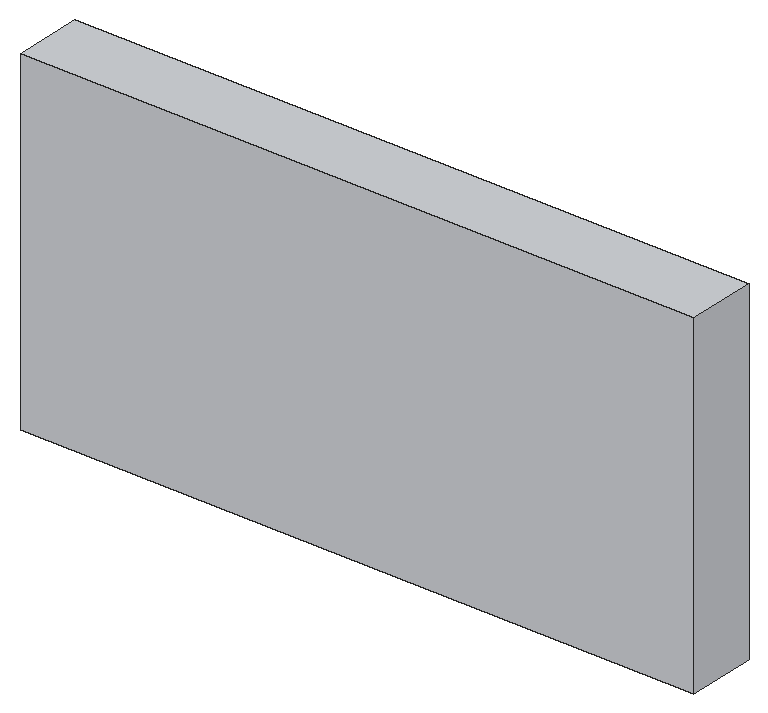
Revit family "HZG_Heizkörper Ventil VL+RL links", category HLS-Bauteile, Revit 2015
Parameters (values of type "10/300/600")
  HZG_Leistung [instance] = 0
  HZG_IstHeizkörper [instance] = yes
  HZG_Exemplarleistung [instance] = 0
  HLS_Länge = Länge  # 600 mm
  HLS_Höhe = Höhe  # 300 mm
  HLS_Breite = Breite  # 61 mm
  Breite = 61 mm
  Wasserdruckverlust [instance] = 0.00 psi
  Massenstrom [instance] = 0 GPM
  Wandabstand = 20 mm
  Nennradius = 7.5 mm
  Nenndurchmesser = Nennradius * 2  # 15 mm
  Länge = 600 mm
  Höhe = 300 mm
  Heizleistung = 0.0 Btu/h
  ALG_ManufacturerCode = ""
Types (4, lengths in mm): name | HLS_Länge | HLS_Höhe | HLS_Breite | Breite | Länge | Höhe
  (no name) | 600 | 300 | 61 | 61 | 600 | 300
  10/300/600 | 600 | 300 | 61 | 61 | 600 | 300
  12/400/800 | 800 | 400 | 64 | 64 | 800 | 400
  22/500/600 | 600 | 500 | 100 | 100 | 600 | 500
Reference planes
  plane 1 "Mitte (Vorne/Hinten)": y = 0
  plane 2: z = 0
  plane 3 "Mitte (Links/Rechts)": x = 0
  plane 4: y = -81
  plane 5: y = -50.5
  plane 6: y = -20
  plane 7: x = 300
  plane 8: z = 300
  plane 9: x = -300
  plane 10: z = 2
Forms (mm)
  Extrusion 1, solid, detail levels medium+fine
    sketch origin (0, 17.773, 0) x (0, -1, 0) y (1, 0, 0)
      loop
        line (37.773, 300) -> (37.773, -300) -> (98.773, -300) -> (98.773, 300) -> (37.773, 300)
    from 0 to 300
  Extrusion 2, solid, detail levels medium+fine
    sketch origin (-422.82, 17.773, 2) x (-1, 0, 0) y (0, -1, 0)
      loop
        circle (-162.82, 68.273) r 7.5
      loop
        circle (-202.82, 68.273) r 7.5
    from 0 to -2
Lines and regions (mm)
  model lines, detail levels coarse
    curve 1: line (300, -20, 0) -> (300, -81, 0)
    curve 2: line (-300, -20, 0) -> (300, -20, 0)
    curve 3: line (-300, -81, 0) -> (-300, -20, 0)
    curve 4: line (300, -81, 0) -> (-300, -81, 0)
  model lines, style "Symbol", detail levels coarse
    curve 5: line (300, -50.5, 300) -> (-300, -50.5, 300)
    curve 6: line (300, -50.5, 0) -> (300, -50.5, 300)
    curve 7: line (-300, -50.5, 0) -> (300, -50.5, 0)
    curve 8: line (-300, -50.5, 300) -> (-300, -50.5, 0)
    curve 9: line (0, -20, 300) -> (0, -81, 300)
    curve 10: line (0, -20, 0) -> (0, -20, 300)
    curve 11: line (0, -81, 0) -> (0, -20, 0)
    curve 12: line (0, -81, 300) -> (0, -81, 0)
Dimensions and locks
  equal spacing: plane 6, plane 5, plane 4
  "Breite": plane 6 to plane 4
  "Höhe": plane 8 to level
  "Länge": plane 7 to plane 9
  locked: Extrusion 1 to Extrusion 2 sketch curve at 80
  locked: Extrusion 1 to Extrusion 2 sketch curve at 40
  locked: plane 10 to level at 2
  "Wandabstand": plane 6 to plane 1 "Mitte (Vorne/Hinten)"
  equal spacing: plane 9, plane 3 "Mitte (Links/Rechts)", plane 7
  "Nennradius": radius of Extrusion 2 sketch curve  (x2)
  aligned and locked: plane 2 to level
  aligned and locked: Extrusion 1 sketch curve to plane 7
  aligned and locked: plane 6 to Extrusion 1 sketch curve
  aligned and locked: Extrusion 1 sketch curve to plane 4
  aligned and locked: Extrusion 1 to plane 9
  aligned and locked: Extrusion 1 to level
  aligned and locked: plane 8 to Extrusion 1
  aligned and locked: Extrusion 1 to plane 2
  aligned and locked: Extrusion 2 to level
  aligned and locked: plane 10 to Extrusion 2
  aligned and locked: curve 1 to Extrusion 1
  aligned and locked: curve 2 to Extrusion 1
  aligned and locked: curve 3 to Extrusion 1
  aligned and locked: curve 4 to Extrusion 1
  aligned and locked: curve 5 to Extrusion 1
  aligned and locked: curve 6 to Extrusion 1
  aligned and locked: curve 7 to curve 2
  aligned and locked: curve 8 to Extrusion 1
  aligned and locked: curve 9 to Extrusion 1
  aligned and locked: curve 10 to Extrusion 1
  aligned and locked: curve 11 to curve 1
  aligned and locked: curve 12 to Extrusion 1
Automatic sketch dimensions
  Extrusion 1 sketch curve to plane 9 = 0 mm
  plane 5 to Extrusion 2 sketch curve = 0 mm  (x2)
Connectors
  piping at (-260, -50.5, 0), diameter 15, driven by "Massenstrom", driven by "Wasserdruckverlust", driven by "Nennradius"
    settings: on Extrusion 2, index 1, connector inside diameter 15 mm, connector length 0 mm, flow factor 0, pipe flow 0 GPM, pressure drop 0.00 psi, fitting loss kfactor 0, connector angle 0.00°, fixture units 0, engagement length 0 mm, angle of deflection 0.00°, flow configuration 1, flow direction 2, fitting loss method 4, system type 8, joint type 0, gender type 0, connector reference index 2, connector utility 0, adjustable connector no, is connector primary yes, connector description ""
  piping at (-220, -50.5, 0), diameter 15, driven by "Massenstrom", driven by "Nennradius"
    settings: on Extrusion 2, index 2, connector inside diameter 15 mm, connector length 0 mm, flow factor 0, pipe flow 0 GPM, pressure drop 0.00 psi, fitting loss kfactor 0, connector angle 0.00°, fixture units 0, engagement length 0 mm, angle of deflection 0.00°, flow configuration 1, flow direction 1, fitting loss method 0, system type 7, joint type 0, gender type 0, connector reference index 1, connector utility 0, adjustable connector no, is connector primary no, connector description ""
